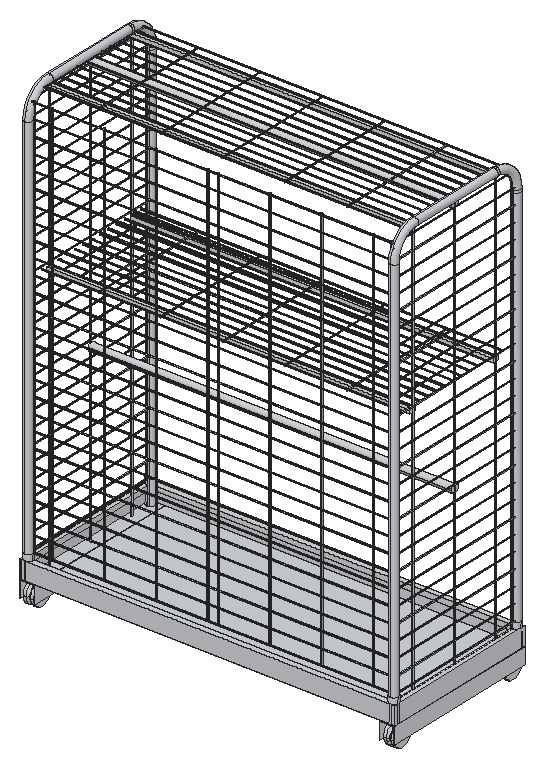
Revit family "GB 2 Cart - 2012", category Generic Models, host Floor, Revit 2012 (continued)
Forms (in)
  Extrusion 165, solid, material <- "Silver Grille and Tubes"
    sketch origin (12, 0, -0.1875) x (1, 0, 0) y (0, 0, 1)
      loop
        line (-0.05398, 89.17167) -> (-0.10796, 89.07817) -> (-0.05398, 88.98467) -> (0.05398, 88.98467) -> (0.10796, 89.07817) -> (0.05398, 89.17167) -> (-0.05398, 89.17167)
    from -11.9476 to 11.94444
  Extrusion 166, solid, material <- "Silver Grille and Tubes"
    sketch origin (24, 0, -0.1875) x (1, 0, 0) y (0, 0, 1)
      loop
        line (-0.05398, 89.17167) -> (-0.10796, 89.07817) -> (-0.05398, 88.98467) -> (0.05398, 88.98467) -> (0.10796, 89.07817) -> (0.05398, 89.17167) -> (-0.05398, 89.17167)
    from -11.9476 to 11.94444
  Extrusion 167, solid
    sketch origin (34.46875, 0, -0.1875) x (1, 0, 0) y (0, 0, 1)
      loop
        line (-0.05398, 89.17167) -> (-0.10796, 89.07817) -> (-0.05398, 88.98467) -> (0.05398, 88.98467) -> (0.10796, 89.07817) -> (0.05398, 89.17167) -> (-0.05398, 89.17167)
    from -11.9476 to 11.94444
  Extrusion 168, solid, material <- "Silver Grille and Tubes"
    sketch origin (-12, 0, -0.1875) x (-1, 0, 0) y (0, 0, -1)
      loop
        line (-0.05398, -89.17167) -> (0.05398, -89.17167) -> (0.10796, -89.07817) -> (0.05398, -88.98467) -> (-0.05398, -88.98467) -> (-0.10796, -89.07817) -> (-0.05398, -89.17167)
    from -11.9476 to 11.94444
  Extrusion 169, solid, material <- "Silver Grille and Tubes"
    sketch origin (-24, 0, -0.1875) x (-1, 0, 0) y (0, 0, -1)
      loop
        line (-0.05398, -89.17167) -> (0.05398, -89.17167) -> (0.10796, -89.07817) -> (0.05398, -88.98467) -> (-0.05398, -88.98467) -> (-0.10796, -89.07817) -> (-0.05398, -89.17167)
    from -11.9476 to 11.94444
  Extrusion 170, solid
    sketch origin (-34.46875, 0, -0.1875) x (-1, 0, 0) y (0, 0, -1)
      loop
        line (-0.05398, -89.17167) -> (0.05398, -89.17167) -> (0.10796, -89.07817) -> (0.05398, -88.98467) -> (-0.05398, -88.98467) -> (-0.10796, -89.07817) -> (-0.05398, -89.17167)
    from -11.9476 to 11.94444
  Extrusion 171, solid, material <- "Silver Grille and Tubes", not visible
    sketch origin (0, 0.28125, 1) x (0, 1, 0) y (0, 0, 1)
      loop
        line (-14.77102, 8.43822) -> (-14.71704, 8.53172) -> (-14.77102, 8.62522) -> (-14.87898, 8.62522) -> (-14.93296, 8.53172) -> (-14.87898, 8.43822) -> (-14.77102, 8.43822)
    from -34.87177 to 34.87177
  Extrusion 172, solid, material <- "Silver Grille and Tubes", not visible
    sketch origin (0, 24.82658, 80.54645) x (0, 1, 0) y (0, 0, 1)
      loop
        line (-14.77102, 8.43822) -> (-14.71704, 8.53172) -> (-14.77102, 8.62522) -> (-14.87898, 8.62522) -> (-14.93296, 8.53172) -> (-14.87898, 8.43822) -> (-14.77102, 8.43822)
    from -34.87177 to 34.87177
  Extrusion 173, solid, material <- "Silver Grille and Tubes", not visible
    sketch origin (0, 22.82658, 80.54645) x (0, 1, 0) y (0, 0, 1)
      loop
        line (-14.77102, 8.43822) -> (-14.71704, 8.53172) -> (-14.77102, 8.62522) -> (-14.87898, 8.62522) -> (-14.93296, 8.53172) -> (-14.87898, 8.43822) -> (-14.77102, 8.43822)
    from -34.87177 to 34.87177
  Extrusion 174, solid, material <- "Silver Grille and Tubes", not visible
    sketch origin (0, 20.82658, 80.54645) x (0, 1, 0) y (0, 0, 1)
      loop
        line (-14.77102, 8.43822) -> (-14.71704, 8.53172) -> (-14.77102, 8.62522) -> (-14.87898, 8.62522) -> (-14.93296, 8.53172) -> (-14.87898, 8.43822) -> (-14.77102, 8.43822)
    from -34.87177 to 34.87177
  Extrusion 175, solid, material <- "Silver Grille and Tubes", not visible
    sketch origin (0, 18.82658, 80.54645) x (0, 1, 0) y (0, 0, 1)
      loop
        line (-14.77102, 8.43822) -> (-14.71704, 8.53172) -> (-14.77102, 8.62522) -> (-14.87898, 8.62522) -> (-14.93296, 8.53172) -> (-14.87898, 8.43822) -> (-14.77102, 8.43822)
    from -34.87177 to 34.87177
  Extrusion 176, solid, material <- "Silver Grille and Tubes", not visible
    sketch origin (0, 16.82658, 80.54645) x (0, 1, 0) y (0, 0, 1)
      loop
        line (-14.77102, 8.43822) -> (-14.71704, 8.53172) -> (-14.77102, 8.62522) -> (-14.87898, 8.62522) -> (-14.93296, 8.53172) -> (-14.87898, 8.43822) -> (-14.77102, 8.43822)
    from -34.87177 to 34.87177
  Extrusion 177, solid, material <- "Silver Grille and Tubes", not visible
    sketch origin (0, 14.82658, 80.54645) x (0, 1, 0) y (0, 0, 1)
      loop
        line (-14.77102, 8.43822) -> (-14.71704, 8.53172) -> (-14.77102, 8.62522) -> (-14.87898, 8.62522) -> (-14.93296, 8.53172) -> (-14.87898, 8.43822) -> (-14.77102, 8.43822)
    from -34.87177 to 34.87177
  Extrusion 178, solid, material <- "Silver Grille and Tubes", not visible
    sketch origin (0, 12.82658, 80.54645) x (0, 1, 0) y (0, 0, 1)
      loop
        line (-14.77102, 8.43822) -> (-14.71704, 8.53172) -> (-14.77102, 8.62522) -> (-14.87898, 8.62522) -> (-14.93296, 8.53172) -> (-14.87898, 8.43822) -> (-14.77102, 8.43822)
    from -34.87177 to 34.87177
  Extrusion 179, solid, material <- "Silver Grille and Tubes", not visible
    sketch origin (0, 10.82658, 80.54645) x (0, 1, 0) y (0, 0, 1)
      loop
        line (-14.77102, 8.43822) -> (-14.71704, 8.53172) -> (-14.77102, 8.62522) -> (-14.87898, 8.62522) -> (-14.93296, 8.53172) -> (-14.87898, 8.43822) -> (-14.77102, 8.43822)
    from -34.87177 to 34.87177
  Extrusion 180, solid, material <- "Silver Grille and Tubes", not visible
    sketch origin (0, 8.82658, 80.54645) x (0, 1, 0) y (0, 0, 1)
      loop
        line (-14.77102, 8.43822) -> (-14.71704, 8.53172) -> (-14.77102, 8.62522) -> (-14.87898, 8.62522) -> (-14.93296, 8.53172) -> (-14.87898, 8.43822) -> (-14.77102, 8.43822)
    from -34.87177 to 34.87177
  Extrusion 181, solid, material <- "Silver Grille and Tubes", not visible
    sketch origin (0, 6.82658, 80.54645) x (0, 1, 0) y (0, 0, 1)
      loop
        line (-14.77102, 8.43822) -> (-14.71704, 8.53172) -> (-14.77102, 8.62522) -> (-14.87898, 8.62522) -> (-14.93296, 8.53172) -> (-14.87898, 8.43822) -> (-14.77102, 8.43822)
    from -34.87177 to 34.87177
  Extrusion 182, solid, material <- "Silver Grille and Tubes", not visible
    sketch origin (0, 4.82658, 80.54645) x (0, 1, 0) y (0, 0, 1)
      loop
        line (-14.77102, 8.43822) -> (-14.71704, 8.53172) -> (-14.77102, 8.62522) -> (-14.87898, 8.62522) -> (-14.93296, 8.53172) -> (-14.87898, 8.43822) -> (-14.77102, 8.43822)
    from -34.87177 to 34.87177
  Extrusion 183, solid, material <- "Silver Grille and Tubes", not visible
    sketch origin (0, 2.82658, 80.54645) x (0, 1, 0) y (0, 0, 1)
      loop
        line (-14.77102, 8.43822) -> (-14.71704, 8.53172) -> (-14.77102, 8.62522) -> (-14.87898, 8.62522) -> (-14.93296, 8.53172) -> (-14.87898, 8.43822) -> (-14.77102, 8.43822)
    from -34.87177 to 34.87177
  Extrusion 184, solid, material <- "Silver Grille and Tubes", not visible
    sketch origin (0, 26.82658, 80.54645) x (0, 1, 0) y (0, 0, 1)
      loop
        line (-14.77102, 8.43822) -> (-14.71704, 8.53172) -> (-14.77102, 8.62522) -> (-14.87898, 8.62522) -> (-14.93296, 8.53172) -> (-14.87898, 8.43822) -> (-14.77102, 8.43822)
    from -34.87177 to 34.87177
  Extrusion 185, solid, material <- "Silver Grille and Tubes", not visible
    sketch origin (0, 0, -0.1875) x (1, 0, 0) y (0, 0, 1)
      loop
        line (-0.05398, 89.17167) -> (-0.10796, 89.07817) -> (-0.05398, 88.98467) -> (0.05398, 88.98467) -> (0.10796, 89.07817) -> (0.05398, 89.17167) -> (-0.05398, 89.17167)
    from -11.9476 to 11.94444
  Extrusion 186, solid, material <- "Silver Grille and Tubes", not visible
    sketch origin (12, 0, -0.1875) x (1, 0, 0) y (0, 0, 1)
      loop
        line (-0.05398, 89.17167) -> (-0.10796, 89.07817) -> (-0.05398, 88.98467) -> (0.05398, 88.98467) -> (0.10796, 89.07817) -> (0.05398, 89.17167) -> (-0.05398, 89.17167)
    from -11.9476 to 11.94444
  Extrusion 187, solid, material <- "Silver Grille and Tubes", not visible
    sketch origin (24, 0, -0.1875) x (1, 0, 0) y (0, 0, 1)
      loop
        line (-0.05398, 89.17167) -> (-0.10796, 89.07817) -> (-0.05398, 88.98467) -> (0.05398, 88.98467) -> (0.10796, 89.07817) -> (0.05398, 89.17167) -> (-0.05398, 89.17167)
    from -11.9476 to 11.94444
  Extrusion 188, solid, material <- "Silver Grille and Tubes", not visible
    sketch origin (-12, 0, -0.1875) x (-1, 0, 0) y (0, 0, -1)
      loop
        line (-0.05398, -89.17167) -> (0.05398, -89.17167) -> (0.10796, -89.07817) -> (0.05398, -88.98467) -> (-0.05398, -88.98467) -> (-0.10796, -89.07817) -> (-0.05398, -89.17167)
    from -11.9476 to 11.94444
  Extrusion 189, solid, material <- "Silver Grille and Tubes", not visible
    sketch origin (-24, 0, -0.1875) x (-1, 0, 0) y (0, 0, -1)
      loop
        line (-0.05398, -89.17167) -> (0.05398, -89.17167) -> (0.10796, -89.07817) -> (0.05398, -88.98467) -> (-0.05398, -88.98467) -> (-0.10796, -89.07817) -> (-0.05398, -89.17167)
    from -11.9476 to 11.94444
  Extrusion 190, solid, material <- "Silver Grille and Tubes"
    sketch origin (0, 24.82658, 48.75778) x (0, 1, 0) y (0, 0, 1)
      loop
        line (-14.77102, 8.43822) -> (-14.71704, 8.53172) -> (-14.77102, 8.62522) -> (-14.87898, 8.62522) -> (-14.93296, 8.53172) -> (-14.87898, 8.43822) -> (-14.77102, 8.43822)
    from -34.87177 to 34.87177
  Extrusion 191, solid, material <- "Silver Grille and Tubes"
    sketch origin (0, 22.82658, 48.75778) x (0, 1, 0) y (0, 0, 1)
      loop
        line (-14.77102, 8.43822) -> (-14.71704, 8.53172) -> (-14.77102, 8.62522) -> (-14.87898, 8.62522) -> (-14.93296, 8.53172) -> (-14.87898, 8.43822) -> (-14.77102, 8.43822)
    from -34.87177 to 34.87177
  Extrusion 192, solid, material <- "Silver Grille and Tubes"
    sketch origin (0, 20.82658, 48.75778) x (0, 1, 0) y (0, 0, 1)
      loop
        line (-14.77102, 8.43822) -> (-14.71704, 8.53172) -> (-14.77102, 8.62522) -> (-14.87898, 8.62522) -> (-14.93296, 8.53172) -> (-14.87898, 8.43822) -> (-14.77102, 8.43822)
    from -34.87177 to 34.87177
  Extrusion 193, solid, material <- "Silver Grille and Tubes"
    sketch origin (0, 18.82658, 48.75778) x (0, 1, 0) y (0, 0, 1)
      loop
        line (-14.77102, 8.43822) -> (-14.71704, 8.53172) -> (-14.77102, 8.62522) -> (-14.87898, 8.62522) -> (-14.93296, 8.53172) -> (-14.87898, 8.43822) -> (-14.77102, 8.43822)
    from -34.87177 to 34.87177
  Extrusion 194, solid, material <- "Silver Grille and Tubes"
    sketch origin (0, 16.82658, 48.75778) x (0, 1, 0) y (0, 0, 1)
      loop
        line (-14.77102, 8.43822) -> (-14.71704, 8.53172) -> (-14.77102, 8.62522) -> (-14.87898, 8.62522) -> (-14.93296, 8.53172) -> (-14.87898, 8.43822) -> (-14.77102, 8.43822)
    from -34.87177 to 34.87177
  Extrusion 195, solid, material <- "Silver Grille and Tubes"
    sketch origin (0, 14.82658, 48.75778) x (0, 1, 0) y (0, 0, 1)
      loop
        line (-14.77102, 8.43822) -> (-14.71704, 8.53172) -> (-14.77102, 8.62522) -> (-14.87898, 8.62522) -> (-14.93296, 8.53172) -> (-14.87898, 8.43822) -> (-14.77102, 8.43822)
    from -34.87177 to 34.87177
  Extrusion 196, solid, material <- "Silver Grille and Tubes"
    sketch origin (0, 12.82658, 48.75778) x (0, 1, 0) y (0, 0, 1)
      loop
        line (-14.77102, 8.43822) -> (-14.71704, 8.53172) -> (-14.77102, 8.62522) -> (-14.87898, 8.62522) -> (-14.93296, 8.53172) -> (-14.87898, 8.43822) -> (-14.77102, 8.43822)
    from -34.87177 to 34.87177
  Extrusion 197, solid, material <- "Silver Grille and Tubes"
    sketch origin (0, 10.82658, 48.75778) x (0, 1, 0) y (0, 0, 1)
      loop
        line (-14.77102, 8.43822) -> (-14.71704, 8.53172) -> (-14.77102, 8.62522) -> (-14.87898, 8.62522) -> (-14.93296, 8.53172) -> (-14.87898, 8.43822) -> (-14.77102, 8.43822)
    from -34.87177 to 34.87177
  Extrusion 198, solid, material <- "Silver Grille and Tubes"
    sketch origin (0, 8.82658, 48.75778) x (0, 1, 0) y (0, 0, 1)
      loop
        line (-14.77102, 8.43822) -> (-14.71704, 8.53172) -> (-14.77102, 8.62522) -> (-14.87898, 8.62522) -> (-14.93296, 8.53172) -> (-14.87898, 8.43822) -> (-14.77102, 8.43822)
    from -34.87177 to 34.87177
  Extrusion 199, solid, material <- "Silver Grille and Tubes"
    sketch origin (0, 6.82658, 48.75778) x (0, 1, 0) y (0, 0, 1)
      loop
        line (-14.77102, 8.43822) -> (-14.71704, 8.53172) -> (-14.77102, 8.62522) -> (-14.87898, 8.62522) -> (-14.93296, 8.53172) -> (-14.87898, 8.43822) -> (-14.77102, 8.43822)
    from -34.87177 to 34.87177
  Extrusion 200, solid, material <- "Silver Grille and Tubes"
    sketch origin (0, 4.82658, 48.75778) x (0, 1, 0) y (0, 0, 1)
      loop
        line (-14.77102, 8.43822) -> (-14.71704, 8.53172) -> (-14.77102, 8.62522) -> (-14.87898, 8.62522) -> (-14.93296, 8.53172) -> (-14.87898, 8.43822) -> (-14.77102, 8.43822)
    from -34.87177 to 34.87177
  Extrusion 201, solid, material <- "Silver Grille and Tubes"
    sketch origin (0, 2.82658, 48.75778) x (0, 1, 0) y (0, 0, 1)
      loop
        line (-14.77102, 8.43822) -> (-14.71704, 8.53172) -> (-14.77102, 8.62522) -> (-14.87898, 8.62522) -> (-14.93296, 8.53172) -> (-14.87898, 8.43822) -> (-14.77102, 8.43822)
    from -34.87177 to 34.87177
  Extrusion 202, solid, material <- "Silver Grille and Tubes"
    sketch origin (0, 26.82658, 48.75778) x (0, 1, 0) y (0, 0, 1)
      loop
        line (-14.77102, 8.43822) -> (-14.71704, 8.53172) -> (-14.77102, 8.62522) -> (-14.87898, 8.62522) -> (-14.93296, 8.53172) -> (-14.87898, 8.43822) -> (-14.77102, 8.43822)
    from -34.87177 to 34.87177
  Extrusion 203, solid, material <- "Silver Grille and Tubes"
    sketch origin (0, 0, -31.97617) x (1, 0, 0) y (0, 0, 1)
      loop
        line (-0.05398, 89.17167) -> (-0.10796, 89.07817) -> (-0.05398, 88.98467) -> (0.05398, 88.98467) -> (0.10796, 89.07817) -> (0.05398, 89.17167) -> (-0.05398, 89.17167)
    from -11.9476 to 11.94444
  Extrusion 204, solid, material <- "Silver Grille and Tubes"
    sketch origin (12, 0, -31.97617) x (1, 0, 0) y (0, 0, 1)
      loop
        line (-0.05398, 89.17167) -> (-0.10796, 89.07817) -> (-0.05398, 88.98467) -> (0.05398, 88.98467) -> (0.10796, 89.07817) -> (0.05398, 89.17167) -> (-0.05398, 89.17167)
    from -11.9476 to 11.94444
  Extrusion 205, solid, material <- "Silver Grille and Tubes"
    sketch origin (24, 0, -31.97617) x (1, 0, 0) y (0, 0, 1)
      loop
        line (-0.05398, 89.17167) -> (-0.10796, 89.07817) -> (-0.05398, 88.98467) -> (0.05398, 88.98467) -> (0.10796, 89.07817) -> (0.05398, 89.17167) -> (-0.05398, 89.17167)
    from -11.9476 to 11.94444
  Extrusion 206, solid, material <- "Silver Grille and Tubes"
    sketch origin (-12, 0, -31.97617) x (-1, 0, 0) y (0, 0, -1)
      loop
        line (-0.05398, -89.17167) -> (0.05398, -89.17167) -> (0.10796, -89.07817) -> (0.05398, -88.98467) -> (-0.05398, -88.98467) -> (-0.10796, -89.07817) -> (-0.05398, -89.17167)
    from -11.9476 to 11.94444
  Extrusion 207, solid, material <- "Silver Grille and Tubes"
    sketch origin (-24, 0, -31.97617) x (-1, 0, 0) y (0, 0, -1)
      loop
        line (-0.05398, -89.17167) -> (0.05398, -89.17167) -> (0.10796, -89.07817) -> (0.05398, -88.98467) -> (-0.05398, -88.98467) -> (-0.10796, -89.07817) -> (-0.05398, -89.17167)
    from -11.9476 to 11.94444
  Extrusion 208, solid, material <- "Black Paint"
    sketch origin (0, -10.05396, 17.62058) x (0, 1, 0) y (0, 0, 1)
      loop
        line (-0.52614, 38.66414) -> (0.47386, 38.66414) -> (0.47386, 39.38792) -> (-0.52614, 39.38792) -> (-0.52614, 38.66414)
    from -35.03004 to 35.12354
  Extrusion 209, solid, material <- "Black Paint"
    sketch origin (0, 10.05396, 17.62058) x (0, -1, 0) y (0, 0, -1)
      loop
        line (-0.52614, -38.66414) -> (-0.52614, -39.38792) -> (0.47386, -39.38792) -> (0.47386, -38.66414) -> (-0.52614, -38.66414)
    from -35.03004 to 35.12354
  Extrusion 210, solid, material <- "Black Paint"
    sketch origin (0, -10.05396, 49.40925) x (0, 1, 0) y (0, 0, 1)
      loop
        line (-0.52614, 38.66414) -> (0.47386, 38.66414) -> (0.47386, 39.38792) -> (-0.52614, 39.38792) -> (-0.52614, 38.66414)
    from -35.03004 to 35.12354
  Extrusion 211, solid, material <- "Black Paint"
    sketch origin (0, 10.05396, 49.40925) x (0, -1, 0) y (0, 0, -1)
      loop
        line (-0.52614, -38.66414) -> (-0.52614, -39.38792) -> (0.47386, -39.38792) -> (0.47386, -38.66414) -> (-0.52614, -38.66414)
    from -35.03004 to 35.12354
  Extrusion 212, solid, material <- "Black Paint"
    sketch origin (0, 0, 49.38302) x (0, 1, 0) y (0, 0, 1)
      loop
        circle (0.10795, 38.66414) r 0.75
    from -35.03004 to 35.12354
Cuts and joins
  joined: Sweep 2, Extrusion 5
Lines and regions (in)
  sketch lines
    curve 1: line (36.2, 15.7, 4.93822) -> (-36.2, 15.7, 4.93822)
    curve 2: line (36.2, -15.7, 4.93822) -> (36.2, 15.7, 4.93822)
    curve 3: line (-36.2, -15.7, 4.93822) -> (36.2, -15.7, 4.93822)
    curve 4: line (-36.2, 15.7, 4.93822) -> (-36.2, -15.7, 4.93822)
  model lines
    curve 5: line (0, -15.7, 8.43822) -> (0, -15.7, 8.68822)
Dimensions and locks (in)
  equal spacing: host sketch curve, plane 1 "Center (Front/Back)", host sketch curve
  equal spacing: host sketch curve, plane 3 "Center (Left/Right)", host sketch curve
  host sketch curve to host sketch curve = 120"  (x2)
  equal spacing: group 1, group 2, group 3, group 4, group 5, group 6, group 7, group 8, group 9, group 10, group 11, group 12, group 13, group 14, group 15, group 16, group 17, group 18, group 19, group 20, group 21, group 22, group 23, group 24, group 25, group 26, group 27  (x3)
  equal spacing: group 30, group 31, group 32, group 33, group 34, group 35, group 36, group 37, group 38, group 39, group 40, group 41, group 42, group 43, group 44, group 45, group 46, group 47, group 48, group 49, group 50, group 51, group 52, group 53, group 54, group 55, group 56  (x3)
  equal spacing: group 58, group 59, group 60, group 61, group 62, group 63, group 64, group 65, group 66, group 67, group 68, group 69, group 70, group 71, group 72, group 73, group 74, group 75, group 76, group 77, group 78, group 79, group 80, group 81, group 82, group 83, group 84  (x3)
  equal spacing: group 90, group 91, group 92, group 93, group 94, group 95, group 96, group 97, group 98, group 99, group 100, group 101, group 102, group 103, group 104, group 105, group 106, group 107, group 108, group 109, group 110, group 111, group 112, group 113, group 114, group 115, group 116  (x3)
  equal spacing: group 117, group 118, group 119, group 120, group 121, group 122, group 123, group 124, group 125, group 126, group 127, group 128  (x2)
  equal spacing: group 128, group 127, group 126, group 125, group 124, group 123, group 122, group 121, group 120, group 119, group 118, group 117
  equal spacing: group 132, group 133, group 134, group 135, group 136, group 137, group 138, group 139, group 140, group 141, group 142, group 143  (x2)
  equal spacing: group 143, group 142, group 141, group 140, group 139, group 138, group 137, group 136, group 135, group 134, group 133, group 132
  equal spacing: group 146, group 147, group 148, group 149, group 150, group 151, group 152, group 153, group 154, group 155, group 156, group 157  (x2)
  equal spacing: group 157, group 156, group 155, group 154, group 153, group 152, group 151, group 150, group 149, group 148, group 147, group 146
  aligned and locked: level to plane 2
  aligned and locked: profile plane to Sweep 2 sketch curve  (x2)
  aligned and locked: plane 6 "Bottom Pipe SP" to Extrusion 8
Nested families (in)
  nested 1: "Team Cart-2_Wheel_Final" at (43.2, 20.825, 0), type "Team Cart-2_Wheel_Final"
  nested 2: "Team Cart-2_Wheel_Final" at (-43.2, 20.825, 0) x (-1, 0, 0) z (0, 0, 1), type "Team Cart-2_Wheel_Final"
  nested 3: "Team Cart-2_Wheel_Final" at (43.2, -20.825, 0), type "Team Cart-2_Wheel_Final"
  nested 4: "Team Cart-2_Wheel_Final" at (-43.2, -20.825, 0) x (-1, 0, 0) z (0, 0, 1), type "Team Cart-2_Wheel_Final"
  nested 5: "Label Annotation 1-8" at (0, -1.57859, 0), type "Label Annotation 1-8", detail levels medium+fine
Definition of nested family "Team Cart-2_Wheel_Final"
  Parameters (values of type "Team Cart-2_Wheel_Final")
    Wheel = none
    URL = "http://www.wengercorp.com/Home/Contact.html"
    Manufacturer = "Wenger Corporation"
    Keynote = "Wenger Gear Boss"
    Description = "Track"
  Reference planes (in)
    plane 1 "Center (Front/Back)": y = 0
    plane 2: z = 0
    plane 3 "Center (Left/Right)": x = 0
    plane 4 "Wheele Revolve": z = 2
  Forms (in)
    Revolve 1, solid, material <- "Wheel"
      sketch origin (0, 0, 2) x (1, 0, 0) y (0, 1, 0)
        loop
          line (-9.39073, -33.92277) -> (-9.45323, -33.92277) -> (-9.45323, -34.17277) -> (-7.32823, -34.17277) -> (-7.32823, -33.92277) -> (-7.39073, -33.92277) -> (-7.39073, -32.17277) -> (-7.95323, -32.17277) -> (-8.32823, -32.54777) -> (-8.32823, -32.61027)
          arc (-8.32823, -32.61027) -> (-8.39073, -32.67277) -> (-8.45323, -32.61027) r 0.0625
          line (-8.45323, -32.61027) -> (-8.45323, -32.54777) -> (-8.82823, -32.17277) -> (-9.39073, -32.17277) -> (-9.39073, -33.92277)
        axis (-9.45323, -34.17277) -> (-7.32823, -34.17277)
      angle from 0 to 360
  Dimensions and locks (in)
    equal spacing: host sketch curve, plane 1 "Center (Front/Back)", host sketch curve
    equal spacing: host sketch curve, plane 3 "Center (Left/Right)", host sketch curve
    host sketch curve to host sketch curve = 120"  (x2)
    aligned and locked: level to plane 2
Definition of nested family "Label Annotation 1-8"
  Parameters (values of type "Label Annotation 1-8")
    Label = ""
  Reference planes (in)
    plane 1: y = 0
    plane 2: x = 0
  Text (in)
    label "Label" at (0.00375, -0.00345, 0), shows "Label"
